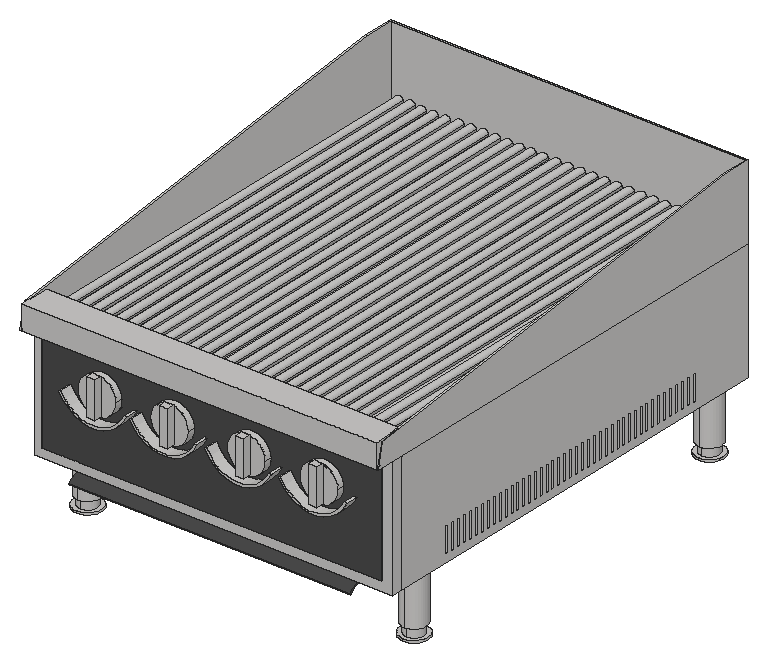
Revit family "QF_Vollrath_924CG", category Specialty Equipment, Revit 2016 (continued)
Automatic sketch dimensions
  curve 19 to curve 18 = 2.00224"
  plane 15 to curve 16 = 1.08105"
  plane 14 to curve 13 = 1.09537"
  radius of Extrusion 65 sketch curve = 0.25"
  radius of Extrusion 66 sketch curve = 0.25"
  radius of Extrusion 67 sketch curve = 0.25"
  radius of Extrusion 68 sketch curve = 0.25"
  radius of Extrusion 69 sketch curve = 0.25"
  radius of Extrusion 70 sketch curve = 0.25"
  radius of Extrusion 71 sketch curve = 0.25"
  radius of Extrusion 72 sketch curve = 0.25"
  radius of Extrusion 73 sketch curve = 0.25"
  radius of Extrusion 74 sketch curve = 0.25"
  radius of Extrusion 75 sketch curve = 0.25"
  radius of Extrusion 76 sketch curve = 0.25"
  radius of Extrusion 77 sketch curve = 0.25"
  radius of Extrusion 78 sketch curve = 0.25"
  radius of Extrusion 79 sketch curve = 0.25"
  radius of Extrusion 80 sketch curve = 0.25"
  radius of Extrusion 81 sketch curve = 0.25"
  radius of Extrusion 82 sketch curve = 0.25"
  radius of Extrusion 83 sketch curve = 0.25"
  radius of Extrusion 84 sketch curve = 0.25"
  radius of Extrusion 85 sketch curve = 0.25"
  radius of Extrusion 86 sketch curve = 0.25"
  radius of Extrusion 87 sketch curve = 0.25"
  radius of Extrusion 88 sketch curve = 0.25"
  radius of Extrusion 89 sketch curve = 0.25"
  radius of Extrusion 90 sketch curve = 0.25"
  radius of Extrusion 91 sketch curve = 0.25"
  radius of Extrusion 92 sketch curve = 0.25"
  radius of Extrusion 93 sketch curve = 0.25"
  radius of Extrusion 94 sketch curve = 0.25"
  radius of Extrusion 95 sketch curve = 0.25"
  radius of Extrusion 96 sketch curve = 0.25"
  radius of Extrusion 97 sketch curve = 0.25"
  radius of Extrusion 98 sketch curve = 0.25"
  radius of Extrusion 99 sketch curve = 0.25"
  radius of Extrusion 1 sketch curve = 0.9375"
  radius of Extrusion 2 sketch curve = 0.625"
  radius of Extrusion 3 sketch curve = 0.8125"
  radius of Extrusion 4 sketch curve = 0.9375"
  radius of Extrusion 5 sketch curve = 0.625"
  radius of Extrusion 6 sketch curve = 0.8125"
  radius of Extrusion 7 sketch curve = 0.9375"
  radius of Extrusion 8 sketch curve = 0.625"
  radius of Extrusion 9 sketch curve = 0.8125"
  radius of Extrusion 10 sketch curve = 0.9375"
  radius of Extrusion 11 sketch curve = 0.625"
  radius of Extrusion 12 sketch curve = 0.8125"
  radius of Extrusion 20 sketch curve = 0.375"
  radius of Extrusion 26 sketch curve = 0.25"
  radius of Extrusion 27 sketch curve = 0.25"
  radius of Extrusion 28 sketch curve = 0.25"
  radius of Extrusion 29 sketch curve = 0.25"
  radius of Extrusion 30 sketch curve = 0.25"
  radius of Extrusion 31 sketch curve = 0.25"
  radius of Extrusion 32 sketch curve = 0.25"
  radius of Extrusion 33 sketch curve = 0.25"
  radius of Extrusion 34 sketch curve = 0.25"
  radius of Extrusion 35 sketch curve = 0.25"
  radius of Extrusion 36 sketch curve = 0.25"
  radius of Extrusion 37 sketch curve = 0.25"
  radius of Extrusion 38 sketch curve = 0.25"
  radius of Extrusion 39 sketch curve = 0.25"
  radius of Extrusion 40 sketch curve = 0.25"
  radius of Extrusion 41 sketch curve = 0.25"
  radius of Extrusion 42 sketch curve = 0.25"
  radius of Extrusion 43 sketch curve = 0.25"
  radius of Extrusion 44 sketch curve = 0.25"
  radius of Extrusion 45 sketch curve = 0.25"
  radius of Extrusion 46 sketch curve = 0.25"
  radius of Extrusion 47 sketch curve = 0.25"
  radius of Extrusion 48 sketch curve = 0.25"
  radius of Extrusion 49 sketch curve = 0.25"
  radius of Extrusion 50 sketch curve = 0.25"
  radius of Extrusion 51 sketch curve = 0.25"
  radius of Extrusion 52 sketch curve = 0.25"
  radius of Extrusion 53 sketch curve = 0.25"
Connectors (in)
  piping at (-6.22076, 1.5, 41.5), diameter 0.75
    settings: on Extrusion 20, index 1, connector inside diameter 3/4", connector length 0.00", flow factor 0, pipe flow 0 GPM, pressure drop 0.00 psi, fitting loss kfactor 0, connector angle 0.00°, fixture units 0, engagement length 0.00", angle of deflection 0.00°, flow configuration 1, flow direction 1, fitting loss method 0, system type 22, joint type 0, gender type 0, connector reference index -1, connector utility 0, adjustable connector no, is connector primary yes, connector description "Gas Connection"
